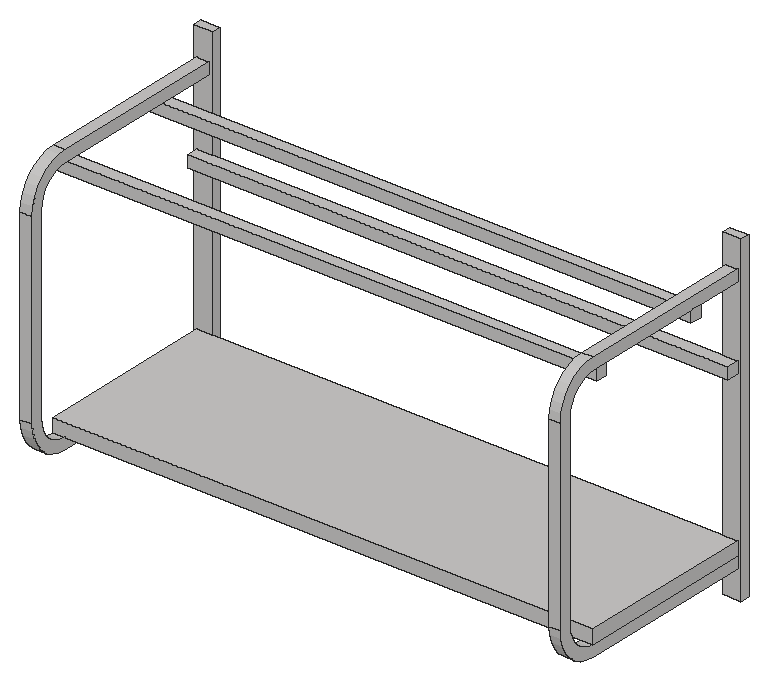
Revit family "QF_ZANUSSI_864263_MM2C11S", category Attrezzature speciali, Revit 2020
Family settings
  Quota connettore circolare = Usa diametro
  Tipo di parte = Normale
  Basato su piano di lavoro = No
  Sempre verticale = Sì
  Taglio con vuoti quando caricato = No
  Condiviso = No
  Punto di calcolo locali = No
Parameters (values of type "Standard")
  Weight = 0.00 kg
  Watts = 0 W
  Volts = 0 V
  URL Manufacturer = ""
  URL = ""
  Steam Supply Size = 0 mm
  Steam Supply Minimum Pressure = 0.0 Pa
  Steam Supply Maximum Pressure = 0.0 Pa
  Steam Consumption per Hour = 0
  Show Clearance [instance] = yes
  Refrigeration Suction Line Size = 0 mm
  Refrigeration Liquid Line Size = 0 mm
  Refrigerant Compressor Remote = yes
  Prospetto di default = 0 mm
  Manufacturer = ""
  Phase = 0
  Model = ""
  Length Actual = 1180 mm  # constant formula
  Item Number = ""
  Hot Water Size = 0 mm
  Height Actual = 700 mm  # constant formula
  HP = ""
  Gas Size = 0 mm
  Gas KW = 0
  Gas Input Pressure = 0 W
  Direct Waste Size = 0 mm
  Description = ""
  Depth Actual = 500 mm  # constant formula
  Cycle = 0 Hz
  Condensate Return Size = 0 mm
  Compressed Air Volume = 0.0 L/s
  Compressed Air Size = 0 mm
  Compressed Air Pressure = 0.0 Pa
  Cold Water Size = 0 mm
  Accessory = yes
Reference planes
  plane 1 "Back": y = 0
  plane 2: z = -16
  plane 3 "FRONT": y = -497
  plane 4 "LEFT": x = -126
  plane 5 "RIGHT": x = 1054
  plane 6: x = 464
  plane 7: y = -248.5
  plane 8 "Sopra": z = 684
  plane 9: z = 384
  plane 10: x = -118.5
  plane 11: x = 1046.5
  plane 12: x = -93.5
  plane 13: x = -86
  plane 14: x = 1021.5
  plane 15: x = 1014
  plane 16: y = -20
  plane 17: y = -45
  plane 18: y = -120
  plane 19: y = -145
  plane 20: y = -375
  plane 21: y = -400
  plane 22: z = 44
  plane 23: z = 69
  plane 24: z = 99
  plane 25: z = 421.5
  plane 26: z = 574
  plane 27: z = 599
  plane 28: z = 624
  plane 29: z = 446.5
  plane 30: y = -400
Forms (mm)
  Extrusion 1, solid, material "QF_Finishes_Stainless Steel"
    sketch origin (0, 250, 0) x (-1, 0, 0) y (0, 0, 1)
      loop
        line (86, -16) -> (126, -16) -> (126, 684) -> (86, 684) -> (86, -16)
    from -270 to -250
  Extrusion 2, solid, material "QF_Finishes_Stainless Steel"
    sketch origin (928, 250, 0) x (1, 0, 0) y (0, 0, -1)
      loop
        line (86, 16) -> (86, -684) -> (126, -684) -> (126, 16) -> (86, 16)
    from -270 to -250
  Extrusion 3, solid, material "QF_Finishes_Stainless Steel"
    sketch origin (0, 0, 0) x (0, 1, 0) y (0, 0, 1)
      loop
        line (-20, 624) -> (-407.392, 624)
        arc (-407.392, 624) -> (-470.754, 597.754) -> (-497, 534.392) r 89.608
        line (-497, 534.392) -> (-497, 133.608)
        arc (-497, 133.608) -> (-470.754, 70.246) -> (-407.392, 44) r 89.608
        line (-407.392, 44) -> (-20, 44) -> (-20, 69) -> (-407.392, 69)
        arc (-407.392, 69) -> (-453.077, 87.923) -> (-472, 133.608) r 64.608
        line (-472, 133.608) -> (-472, 534.392)
        arc (-472, 534.392) -> (-453.077, 580.077) -> (-407.392, 599) r 64.608
        line (-407.392, 599) -> (-20, 599) -> (-20, 624)
    from -118.5 to -93.5
  Extrusion 4, solid, material "QF_Finishes_Stainless Steel"
    sketch origin (928, 0, 0) x (0, 1, 0) y (0, 0, -1)
      loop
        line (-20, -624) -> (-20, -599) -> (-407.392, -599)
        arc (-407.392, -599) -> (-453.077, -580.077) -> (-472, -534.392) r 64.608
        line (-472, -534.392) -> (-472, -133.608)
        arc (-472, -133.608) -> (-453.077, -87.923) -> (-407.392, -69) r 64.608
        line (-407.392, -69) -> (-20, -69) -> (-20, -44) -> (-407.392, -44)
        arc (-407.392, -44) -> (-470.754, -70.246) -> (-497, -133.608) r 89.608
        line (-497, -133.608) -> (-497, -534.392)
        arc (-497, -534.392) -> (-470.754, -597.754) -> (-407.392, -624) r 89.608
        line (-407.392, -624) -> (-20, -624)
    from -118.5 to -93.5
  Extrusion 5, solid, material "QF_Finishes_Stainless Steel"
    sketch origin (0, 0, 0) x (0, 1, 0) y (0, 0, 1)
      loop
        line (-120, 599) -> (-145, 599) -> (-145, 574) -> (-120, 574) -> (-120, 599)
    from -118.5 to 1046.5
  Extrusion 6, solid, material "QF_Finishes_Stainless Steel"
    sketch origin (0, 0, 0) x (0, 1, 0) y (0, 0, 1)
      loop
        line (-375, 599) -> (-400, 599) -> (-400, 574) -> (-375, 574) -> (-375, 599)
    from -118.5 to 1046.5
  Extrusion 7, solid, material "QF_Finishes_Stainless Steel"
    sketch origin (0, 0, 0) x (0, 1, 0) y (0, 0, 1)
      loop
        line (-20, 446.5) -> (-45, 446.5) -> (-45, 421.5) -> (-20, 421.5) -> (-20, 446.5)
    from -118.5 to 1046.5
  Extrusion 8, solid, material "QF_Finishes_Stainless Steel"
    sketch origin (0, 0, 0) x (0, 1, 0) y (0, 0, 1)
      loop
        line (-20, 99) -> (-409.608, 99) -> (-409.608, 69) -> (-20, 69) -> (-20, 99)
    from -118.5 to 1046.5
Dimensions and locks
  plane 4 "LEFT" to plane 5 "RIGHT" = 1180 mm
  plane 3 "FRONT" to plane 1 "Back" = 497 mm
  equal spacing: plane 4 "LEFT", plane 6, plane 5 "RIGHT"
  equal spacing: plane 3 "FRONT", plane 7, plane 1 "Back"
  plane 8 "Sopra" to plane 2 = 700 mm
  plane 10 to plane 11 = 1165 mm
  equal spacing: plane 10, plane 6, plane 11
  locked: plane 10 to plane 12 at 25
  locked: plane 14 to plane 11 at 25
  locked: plane 12 to plane 13 at 7.5
  locked: plane 15 to plane 14 at 7.5
  plane 8 "Sopra" to plane 28 to plane 27 to plane 26 to plane 29 to plane 25 to plane 24 to plane 23 to plane 22 to plane 2 = 60 mm, 25 mm, 25 mm, 127.5 mm, 25 mm, 322.5 mm, 30 mm, 25 mm, 60 mm
  plane 16 to plane 17 to plane 18 to plane 19 to plane 20 to plane 21 = 25 mm locked, 75 mm locked, 25 mm locked, 230 mm locked, 25 mm locked
  locked: plane 16 to plane 30 at 380
  plane 1 "Back" to plane 16 = 20 mm
  aligned and locked: level to plane 2
  aligned and locked: Extrusion 1 sketch curve to level
  aligned and locked: plane 13 to Extrusion 1 sketch curve
  aligned and locked: Extrusion 1 sketch curve to plane 4 "LEFT"
  aligned and locked: plane 8 "Sopra" to Extrusion 1
  aligned and locked: plane 16 to Extrusion 1
  aligned and locked: Extrusion 1 to plane 1 "Back"
  aligned and locked: plane 1 "Back" to Extrusion 1
  aligned and locked: Extrusion 1 to plane 16
  aligned and locked: plane 10 to Extrusion 3
  aligned and locked: plane 12 to Extrusion 3
  aligned and locked: Extrusion 4 to plane 11
  aligned and locked: Extrusion 4 to plane 14
  aligned and locked: Extrusion 2 to plane 5 "RIGHT"
  aligned and locked: Extrusion 2 to plane 15
  aligned and locked: plane 27 to Extrusion 6 sketch curve
  aligned and locked: plane 20 to Extrusion 6 sketch curve
  aligned and locked: Extrusion 6 sketch curve to plane 26
  aligned and locked: Extrusion 6 sketch curve to plane 21
  aligned and locked: plane 26 to Extrusion 5 sketch curve
  aligned and locked: plane 19 to Extrusion 5 sketch curve
  aligned and locked: plane 18 to Extrusion 5 sketch curve
  aligned and locked: Extrusion 5 sketch curve to plane 27
  aligned and locked: plane 29 to Extrusion 7 sketch curve
  aligned and locked: Extrusion 7 sketch curve to plane 16
  aligned and locked: Extrusion 7 sketch curve to plane 25
  aligned and locked: plane 17 to Extrusion 7 sketch curve
  aligned and locked: plane 24 to Extrusion 8 sketch curve
  aligned and locked: Extrusion 8 sketch curve to plane 16
  aligned and locked: Extrusion 8 sketch curve to plane 23
  aligned and locked: Extrusion 3 to plane 23
  aligned and locked: plane 10 to Extrusion 6
  aligned and locked: plane 10 to Extrusion 7
  aligned and locked: plane 10 to Extrusion 5
  aligned and locked: Extrusion 6 to plane 11
  aligned and locked: Extrusion 5 to plane 11
  aligned and locked: Extrusion 7 to plane 11
  aligned and locked: plane 16 to Extrusion 2
Automatic sketch dimensions
  Extrusion 1 sketch curve to plane 8 "Sopra" = 0 mm
  Extrusion 2 sketch curve to plane 8 "Sopra" = 0 mm
  Extrusion 2 sketch curve to plane 15 = 0 mm
  plane 5 "RIGHT" to Extrusion 2 sketch curve = 0 mm
  Extrusion 2 sketch curve to level = 0 mm
  Extrusion 3 sketch curve to Extrusion 3 sketch curve = 0 mm  (x8)
  Extrusion 3 sketch curve to plane 3 "FRONT" = 0 mm
  Extrusion 3 sketch curve to plane 23 = 0 mm
  Extrusion 3 sketch curve to plane 22 = 0 mm
  Extrusion 3 sketch curve to plane 27 = 0 mm
  Extrusion 3 sketch curve to plane 16 = 0 mm  (x2)
  Extrusion 4 sketch curve to Extrusion 4 sketch curve = 0 mm  (x8)
  Extrusion 4 sketch curve to plane 3 "FRONT" = 0 mm
  plane 23 to Extrusion 4 sketch curve = 0 mm
  plane 22 to Extrusion 4 sketch curve = 0 mm
  Extrusion 4 sketch curve to plane 27 = 0 mm
  Extrusion 4 sketch curve to plane 16 = 0 mm  (x2)
  Extrusion 3 sketch curve to plane 21 = 7.392 mm  (x2)
  Extrusion 4 sketch curve to plane 21 = 7.392 mm  (x2)
  Extrusion 8 sketch curve to plane 21 = 9.608 mm
